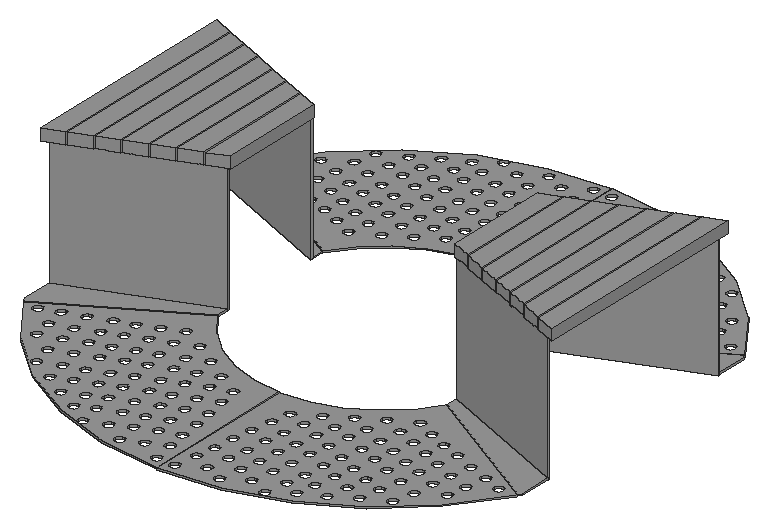
Revit family "Скамейка вокруг дерева «Эраунд 2» Арт 10536", category Антураж, Revit 2018
Family settings
  На основе рабочей плоскости = Нет
  Всегда вертикально = Да
  При загрузке вырезать с полостями = Нет
  Источник визуального образа = Геометрия семейства
  Общий = Нет
  Точка расчета площади = Нет
Parameters (values of type "Скамейка вокруг дерева «Эраунд 2»")
  Ширина = 1780 mm  # constant formula
  Цвет опоры = Сталь
  Цвет лавки = Дерево
  Описание = "Скамейка вокруг дерева «Эраунд 2»"  # constant formula
  Материал изделия = "Сталь, дерево"  # constant formula
  Изображение типоразмера = Скамейка вокруг дерева «Эраунд 2» Арт 10536.jpg
  Изготовитель = "ООО «Хоббика»"  # constant formula
  Длина = 1600 mm  # constant formula
  Группа модели = "Скамейки"  # constant formula
  Высота = 435 mm  # constant formula
  Артикул товара = "Арт. 10536"  # constant formula
  URL = "https://hobbyka.ru/product/skameyka_vokrug_dereva_eraund_2/"
Reference planes
  plane 1 "По центру (Вперед/Назад)": y = 0
  plane 2: z = 0
  plane 3 "По центру (Влево/Вправо)": x = 0
  plane 4: x = 1600
  plane 5: y = 1780
  plane 6: z = 435
Forms (mm)
  Extrusion 1, solid, material "Сталь" <- "Цвет опоры"
    sketch origin (0, 0, 0) x (1, 0, 0) y (0, 1, 0)
      loop
        line (29.557, 1336.556) -> (444.444, 1095.378)
        arc (444.444, 1095.378) -> (594.562, 1245.018) -> (799.253, 1300.052) r 411.353
        line (799.253, 1300.052) -> (799.253, 1780.101)
        arc (799.253, 1780.101) -> (355.218, 1661.038) -> (29.557, 1336.556) r 891.421
      loop
        arc (1570.299, 1336.497) -> (1245.03, 1660.77) -> (801.5, 1780.076) r 891.457
        line (801.5, 1780.076) -> (801.5, 1300.048)
        arc (801.5, 1300.048) -> (1005.67, 1244.75) -> (1155.379, 1095.316) r 411.414
        line (1155.379, 1095.316) -> (1570.299, 1336.497)
      loop
        circle (771.398, 1744.113) r 15
      loop
        circle (759.243, 1675.176) r 15
      loop
        circle (748.824, 1616.088) r 15
      loop
        circle (743.159, 1551.335) r 15
      loop
        circle (732.74, 1492.247) r 15
      loop
        circle (721.453, 1428.234) r 15
      loop
        circle (711.034, 1369.146) r 15
      loop
        circle (702.116, 1704.113) r 15
      loop
        circle (689.961, 1635.176) r 15
      loop
        circle (679.542, 1576.088) r 15
      loop
        circle (673.877, 1511.335) r 15
      loop
        circle (663.458, 1452.247) r 15
      loop
        circle (652.171, 1388.234) r 15
      loop
        circle (641.752, 1329.146) r 15
      loop
        circle (644.331, 1728.436) r 15
      loop
        circle (632.176, 1659.5) r 15
      loop
        circle (621.757, 1600.411) r 15
      loop
        circle (616.092, 1535.659) r 15
      loop
        circle (605.673, 1476.57) r 15
      loop
        circle (594.385, 1412.558) r 15
      loop
        circle (583.967, 1353.469) r 15
      loop
        circle (576.826, 1687.127) r 15
      loop
        circle (564.671, 1618.19) r 15
      loop
        circle (554.252, 1559.102) r 15
      loop
        circle (548.587, 1494.349) r 15
      loop
        circle (538.168, 1435.261) r 15
      loop
        circle (526.881, 1371.248) r 15
      loop
        circle (516.462, 1312.16) r 15
      loop
        circle (514.951, 1712.276) r 15
      loop
        circle (502.796, 1643.34) r 15
      loop
        circle (492.377, 1584.251) r 15
      loop
        circle (486.712, 1519.499) r 15
      loop
        circle (476.293, 1460.41) r 15
      loop
        circle (465.006, 1396.398) r 15
      loop
        circle (454.587, 1337.309) r 15
      loop
        circle (451.746, 1667.909) r 15
      loop
        circle (441.327, 1608.821) r 15
      loop
        circle (430.04, 1544.808) r 15
      loop
        circle (419.621, 1485.72) r 15
      loop
        circle (383.542, 1633.144) r 15
      loop
        circle (372.255, 1569.132) r 15
      loop
        circle (361.836, 1510.043) r 15
      loop
        circle (316.037, 1591.835) r 15
      loop
        circle (304.75, 1527.822) r 15
      loop
        circle (242.876, 1552.972) r 15
      loop
        circle (408.573, 1416.11) r 15
      loop
        circle (398.154, 1357.022) r 15
      loop
        circle (386.867, 1293.009) r 15
      loop
        circle (376.448, 1233.921) r 15
      loop
        circle (350.788, 1440.434) r 15
      loop
        circle (340.369, 1381.345) r 15
      loop
        circle (329.082, 1317.333) r 15
      loop
        circle (318.663, 1258.244) r 15
      loop
        circle (288.949, 1463.877) r 15
      loop
        circle (283.283, 1399.124) r 15
      loop
        circle (272.865, 1340.036) r 15
      loop
        circle (261.577, 1276.023) r 15
      loop
        circle (227.074, 1489.026) r 15
      loop
        circle (221.409, 1424.274) r 15
      loop
        circle (210.99, 1365.185) r 15
      loop
        circle (199.703, 1301.173) r 15
      loop
        circle (575.179, 1286.957) r 15
      loop
        circle (507.675, 1245.647) r 15
      loop
        circle (445.8, 1270.797) r 15
      loop
        circle (434.513, 1206.784) r 15
      loop
        circle (79.752, 1342.964) r 15
      loop
        circle (136.134, 1322.443) r 15
      loop
        circle (147.421, 1386.455) r 15
      loop
        circle (157.84, 1445.544) r 15
      loop
        circle (828.602, 1744.113) r 15
      loop
        circle (840.757, 1675.176) r 15
      loop
        circle (851.176, 1616.088) r 15
      loop
        circle (856.841, 1551.335) r 15
      loop
        circle (867.26, 1492.247) r 15
      loop
        circle (878.547, 1428.234) r 15
      loop
        circle (888.966, 1369.146) r 15
      loop
        circle (897.884, 1704.113) r 15
      loop
        circle (910.039, 1635.176) r 15
      loop
        circle (920.458, 1576.088) r 15
      loop
        circle (926.123, 1511.335) r 15
      loop
        circle (936.542, 1452.247) r 15
      loop
        circle (947.829, 1388.234) r 15
      loop
        circle (958.248, 1329.146) r 15
      loop
        circle (955.669, 1728.436) r 15
      loop
        circle (967.824, 1659.5) r 15
      loop
        circle (978.243, 1600.411) r 15
      loop
        circle (983.908, 1535.659) r 15
      loop
        circle (994.327, 1476.57) r 15
      loop
        circle (1005.615, 1412.558) r 15
      loop
        circle (1016.033, 1353.469) r 15
      loop
        circle (1023.174, 1687.127) r 15
      loop
        circle (1035.329, 1618.19) r 15
      loop
        circle (1045.748, 1559.102) r 15
      loop
        circle (1051.413, 1494.349) r 15
      loop
        circle (1061.832, 1435.261) r 15
      loop
        circle (1073.119, 1371.248) r 15
      loop
        circle (1083.538, 1312.16) r 15
      loop
        circle (1085.049, 1712.276) r 15
      loop
        circle (1097.204, 1643.34) r 15
      loop
        circle (1107.623, 1584.251) r 15
      loop
        circle (1113.288, 1519.499) r 15
      loop
        circle (1123.707, 1460.41) r 15
      loop
        circle (1134.994, 1396.398) r 15
      loop
        circle (1145.413, 1337.309) r 15
      loop
        circle (1148.254, 1667.909) r 15
      loop
        circle (1158.673, 1608.821) r 15
      loop
        circle (1169.96, 1544.808) r 15
      loop
        circle (1180.379, 1485.72) r 15
      loop
        circle (1216.458, 1633.144) r 15
      loop
        circle (1227.745, 1569.132) r 15
      loop
        circle (1238.164, 1510.043) r 15
      loop
        circle (1283.963, 1591.835) r 15
      loop
        circle (1295.25, 1527.822) r 15
      loop
        circle (1357.124, 1552.972) r 15
      loop
        circle (1191.427, 1416.11) r 15
      loop
        circle (1201.846, 1357.022) r 15
      loop
        circle (1213.133, 1293.009) r 15
      loop
        circle (1223.552, 1233.921) r 15
      loop
        circle (1249.212, 1440.434) r 15
      loop
        circle (1259.631, 1381.345) r 15
      loop
        circle (1270.918, 1317.333) r 15
      loop
        circle (1281.337, 1258.244) r 15
      loop
        circle (1311.051, 1463.877) r 15
      loop
        circle (1316.717, 1399.124) r 15
      loop
        circle (1327.135, 1340.036) r 15
      loop
        circle (1338.423, 1276.023) r 15
      loop
        circle (1372.926, 1489.026) r 15
      loop
        circle (1378.591, 1424.274) r 15
      loop
        circle (1389.01, 1365.185) r 15
      loop
        circle (1400.297, 1301.173) r 15
      loop
        circle (1024.821, 1286.957) r 15
      loop
        circle (1092.325, 1245.647) r 15
      loop
        circle (1154.2, 1270.797) r 15
      loop
        circle (1165.487, 1206.784) r 15
      loop
        circle (1520.248, 1342.964) r 15
      loop
        circle (1463.866, 1322.443) r 15
      loop
        circle (1452.579, 1386.455) r 15
      loop
        circle (1442.16, 1445.544) r 15
      loop
        circle (828.602, 35.887) r 15
      loop
        circle (840.757, 104.824) r 15
      loop
        circle (851.176, 163.912) r 15
      loop
        circle (856.841, 228.665) r 15
      loop
        circle (867.26, 287.753) r 15
      loop
        circle (878.547, 351.766) r 15
      loop
        circle (888.966, 410.854) r 15
      loop
        circle (897.884, 75.887) r 15
      loop
        circle (910.039, 144.824) r 15
      loop
        circle (920.458, 203.912) r 15
      loop
        circle (926.123, 268.665) r 15
      loop
        circle (936.542, 327.753) r 15
      loop
        circle (947.829, 391.766) r 15
      loop
        circle (958.248, 450.854) r 15
      loop
        circle (955.669, 51.564) r 15
      loop
        circle (967.824, 120.5) r 15
      loop
        circle (978.243, 179.589) r 15
      loop
        circle (983.908, 244.341) r 15
      loop
        circle (994.327, 303.43) r 15
      loop
        circle (1005.615, 367.442) r 15
      loop
        circle (1016.033, 426.531) r 15
      loop
        circle (1023.174, 92.873) r 15
      loop
        circle (1035.329, 161.81) r 15
      loop
        circle (1045.748, 220.898) r 15
      loop
        circle (1051.413, 285.651) r 15
      loop
        circle (1061.832, 344.739) r 15
      loop
        circle (1073.119, 408.752) r 15
      loop
        circle (1083.538, 467.84) r 15
      loop
        circle (1085.049, 67.724) r 15
      loop
        circle (1097.204, 136.66) r 15
      loop
        circle (1107.623, 195.749) r 15
      loop
        circle (1113.288, 260.501) r 15
      loop
        circle (1123.707, 319.59) r 15
      loop
        circle (1134.994, 383.602) r 15
      loop
        circle (1145.413, 442.691) r 15
      loop
        circle (1148.254, 112.091) r 15
      loop
        circle (1158.673, 171.179) r 15
      loop
        circle (1169.96, 235.192) r 15
      loop
        circle (1180.379, 294.28) r 15
      loop
        circle (1216.458, 146.856) r 15
      loop
        circle (1227.745, 210.868) r 15
      loop
        circle (1238.164, 269.957) r 15
      loop
        circle (1283.963, 188.165) r 15
      loop
        circle (1295.25, 252.178) r 15
      loop
        circle (1357.124, 227.028) r 15
      loop
        circle (1191.427, 363.89) r 15
      loop
        circle (1201.846, 422.978) r 15
      loop
        circle (1213.133, 486.991) r 15
      loop
        circle (1223.552, 546.079) r 15
      loop
        circle (1249.212, 339.566) r 15
      loop
        circle (1259.631, 398.655) r 15
      loop
        circle (1270.918, 462.667) r 15
      loop
        circle (1281.337, 521.756) r 15
      loop
        circle (1311.051, 316.123) r 15
      loop
        circle (1316.717, 380.876) r 15
      loop
        circle (1327.135, 439.964) r 15
      loop
        circle (1338.423, 503.977) r 15
      loop
        circle (1372.926, 290.974) r 15
      loop
        circle (1378.591, 355.726) r 15
      loop
        circle (1389.01, 414.815) r 15
      loop
        circle (1400.297, 478.827) r 15
      loop
        circle (1024.821, 493.043) r 15
      loop
        circle (1092.325, 534.353) r 15
      loop
        circle (1154.2, 509.203) r 15
      loop
        circle (1165.487, 573.216) r 15
      loop
        circle (1520.248, 437.036) r 15
      loop
        circle (1463.866, 457.557) r 15
      loop
        circle (1452.579, 393.545) r 15
      loop
        circle (1442.16, 334.456) r 15
      loop
        circle (771.398, 35.887) r 15
      loop
        circle (759.243, 104.824) r 15
      loop
        circle (748.824, 163.912) r 15
      loop
        circle (743.159, 228.665) r 15
      loop
        circle (732.74, 287.753) r 15
      loop
        circle (721.453, 351.766) r 15
      loop
        circle (711.034, 410.854) r 15
      loop
        circle (702.116, 75.887) r 15
      loop
        circle (689.961, 144.824) r 15
      loop
        circle (679.542, 203.912) r 15
      loop
        circle (673.877, 268.665) r 15
      loop
        circle (663.458, 327.753) r 15
      loop
        circle (652.171, 391.766) r 15
      loop
        circle (641.752, 450.854) r 15
      loop
        circle (644.331, 51.564) r 15
      loop
        circle (632.176, 120.5) r 15
      loop
        circle (621.757, 179.589) r 15
      loop
        circle (616.092, 244.341) r 15
      loop
        circle (605.673, 303.43) r 15
      loop
        circle (594.385, 367.442) r 15
      loop
        circle (583.967, 426.531) r 15
      loop
        circle (576.826, 92.873) r 15
      loop
        circle (564.671, 161.81) r 15
      loop
        circle (554.252, 220.898) r 15
      loop
        circle (548.587, 285.651) r 15
      loop
        circle (538.168, 344.739) r 15
      loop
        circle (526.881, 408.752) r 15
      loop
        circle (516.462, 467.84) r 15
      loop
        circle (514.951, 67.724) r 15
      loop
        circle (502.796, 136.66) r 15
      loop
        circle (492.377, 195.749) r 15
      loop
        circle (486.712, 260.501) r 15
      loop
        circle (476.293, 319.59) r 15
      loop
        circle (465.006, 383.602) r 15
      loop
        circle (454.587, 442.691) r 15
      loop
        circle (451.746, 112.091) r 15
      loop
        circle (441.327, 171.179) r 15
      loop
        circle (430.04, 235.192) r 15
      loop
        circle (419.621, 294.28) r 15
      loop
        circle (383.542, 146.856) r 15
      loop
        circle (372.255, 210.868) r 15
      loop
        circle (361.836, 269.957) r 15
      loop
        circle (316.037, 188.165) r 15
      loop
        circle (304.75, 252.178) r 15
      loop
        circle (242.876, 227.028) r 15
      loop
        circle (408.573, 363.89) r 15
      loop
        circle (398.154, 422.978) r 15
      loop
        circle (386.867, 486.991) r 15
      loop
        circle (376.448, 546.079) r 15
      loop
        circle (350.788, 339.566) r 15
      loop
        circle (340.369, 398.655) r 15
      loop
        circle (329.082, 462.667) r 15
      loop
        circle (318.663, 521.756) r 15
      loop
        circle (288.949, 316.123) r 15
      loop
        circle (283.283, 380.876) r 15
      loop
        circle (272.865, 439.964) r 15
      loop
        circle (261.577, 503.977) r 15
      loop
        circle (227.074, 290.974) r 15
      loop
        circle (221.409, 355.726) r 15
      loop
        circle (210.99, 414.815) r 15
      loop
        circle (199.703, 478.827) r 15
      loop
        circle (575.179, 493.043) r 15
      loop
        circle (507.675, 534.353) r 15
      loop
        circle (445.8, 509.203) r 15
      loop
        circle (434.513, 573.216) r 15
      loop
        circle (79.752, 437.036) r 15
      loop
        circle (136.134, 457.557) r 15
      loop
        circle (147.421, 393.545) r 15
      loop
        circle (157.84, 334.456) r 15
      loop
        arc (29.557, 443.444) -> (355.218, 118.962) -> (799.253, -0.101) r 891.421
        line (799.253, -0.101) -> (799.253, 479.948)
        arc (799.253, 479.948) -> (594.562, 534.982) -> (444.444, 684.622) r 411.353
        line (444.444, 684.622) -> (29.557, 443.444)
      loop
        line (1570.299, 443.503) -> (1155.379, 684.684)
        arc (1155.379, 684.684) -> (1005.67, 535.25) -> (801.5, 479.952) r 411.414
        line (801.5, 479.952) -> (801.5, -0.076)
        arc (801.5, -0.076) -> (1245.03, 119.23) -> (1570.299, 443.503) r 891.457
    from 0 to 5
  Extrusion 2, solid, material "Сталь" <- "Цвет опоры"
    sketch origin (0, 0, 0) x (1, 0, 0) y (0, 1, 0)
      loop
        arc (28.054, 1333.96) -> (24.848, 1328.352) -> (21.682, 1322.722) r 891.421
        line (21.682, 1322.722) -> (21.682, 1225.213) -> (442.936, 1055.015) -> (442.936, 1092.784) -> (28.054, 1333.96)
      loop
        line (442.936, 687.216) -> (442.936, 724.985) -> (21.682, 554.787) -> (21.682, 457.278)
        arc (21.682, 457.278) -> (24.848, 451.648) -> (28.054, 446.04) r 891.421
        line (28.054, 446.04) -> (442.936, 687.216)
      loop
        line (1571.946, 1333.96) -> (1157.064, 1092.784) -> (1157.064, 1055.015) -> (1578.318, 1225.213) -> (1578.318, 1322.722)
        arc (1578.318, 1322.722) -> (1575.152, 1328.352) -> (1571.946, 1333.96) r 891.421
      loop
        line (1157.064, 687.216) -> (1571.946, 446.04)
        arc (1571.946, 446.04) -> (1575.152, 451.648) -> (1578.318, 457.278) r 891.421
        line (1578.318, 457.278) -> (1578.318, 554.787) -> (1157.064, 724.985) -> (1157.064, 687.216)
    from 0 to 5
  Extrusion 3, solid, material "Сталь" <- "Цвет опоры"
    sketch origin (0, 0, 0) x (1, 0, 0) y (0, 1, 0)
      loop
        line (21.682, 1225.213) -> (19.809, 1220.577) -> (441.063, 1050.379) -> (442.936, 1055.015) -> (21.682, 1225.213)
      loop
        line (442.936, 724.985) -> (441.063, 729.621) -> (19.809, 559.423) -> (21.682, 554.787) -> (442.936, 724.985)
      loop
        line (1578.318, 554.787) -> (1580.191, 559.423) -> (1158.937, 729.621) -> (1157.064, 724.985) -> (1578.318, 554.787)
      loop
        line (1157.064, 1055.015) -> (1158.937, 1050.379) -> (1580.191, 1220.577) -> (1578.318, 1225.213) -> (1157.064, 1055.015)
    from 0 to 400
  Extrusion 4, solid, material "Сталь" <- "Цвет опоры"
    sketch origin (0, 0, 0) x (1, 0, 0) y (0, 1, 0)
      loop
        line (442.936, 1055.015) -> (21.682, 1225.213) -> (21.682, 554.787) -> (442.936, 724.985) -> (442.936, 1055.015)
      loop
        line (1157.064, 724.985) -> (1578.318, 554.787) -> (1578.318, 1225.213) -> (1157.064, 1055.015) -> (1157.064, 724.985)
    from 395 to 400
  Extrusion 5, solid, material "Дерево" <- "Цвет лавки"
    sketch origin (0, 0, 0) x (1, 0, 0) y (0, 1, 0)
      loop
        line (450, 1052.161) -> (390, 1076.403) -> (390, 703.597) -> (450, 727.839) -> (450, 1052.161)
      loop
        line (0, 546.027) -> (60, 570.268) -> (60, 1209.732) -> (0, 1233.973) -> (0, 546.027)
      loop
        line (65, 1207.711) -> (65, 572.289) -> (125, 596.53) -> (125, 1183.47) -> (65, 1207.711)
      loop
        line (130, 1181.45) -> (130, 598.55) -> (190, 622.792) -> (190, 1157.208) -> (130, 1181.45)
      loop
        line (195, 1155.188) -> (195, 624.812) -> (255, 649.054) -> (255, 1130.946) -> (195, 1155.188)
      loop
        line (260, 1128.926) -> (260, 651.074) -> (320, 675.315) -> (320, 1104.685) -> (260, 1128.926)
      loop
        line (325, 1102.665) -> (325, 677.335) -> (385, 701.577) -> (385, 1078.423) -> (325, 1102.665)
      loop
        line (1150, 1052.161) -> (1150, 727.839) -> (1210, 703.597) -> (1210, 1076.403) -> (1150, 1052.161)
      loop
        line (1600, 546.027) -> (1600, 1233.973) -> (1540, 1209.732) -> (1540, 570.268) -> (1600, 546.027)
      loop
        line (1535, 1207.711) -> (1475, 1183.47) -> (1475, 596.53) -> (1535, 572.289) -> (1535, 1207.711)
      loop
        line (1470, 1181.45) -> (1410, 1157.208) -> (1410, 622.792) -> (1470, 598.55) -> (1470, 1181.45)
      loop
        line (1405, 1155.188) -> (1345, 1130.946) -> (1345, 649.054) -> (1405, 624.812) -> (1405, 1155.188)
      loop
        line (1340, 1128.926) -> (1280, 1104.685) -> (1280, 675.315) -> (1340, 651.074) -> (1340, 1128.926)
      loop
        line (1275, 1102.665) -> (1215, 1078.423) -> (1215, 701.577) -> (1275, 677.335) -> (1275, 1102.665)
    from 400 to 435
Cuts and joins
  joined: Extrusion 2, Extrusion 3, Extrusion 4
Dimensions and locks
  "Длина": plane 3 "По центру (Влево/Вправо)" to plane 4
  "Ширина": plane 5 to plane 1 "По центру (Вперед/Назад)"
  "Высота": plane 6 to level
  aligned and locked: level to plane 2
Automatic sketch dimensions
  plane 3 "По центру (Влево/Вправо)" to Extrusion 1 sketch curve = 29.557 mm  (x2)
  Extrusion 1 sketch curve to Extrusion 1 sketch curve = 50.195 mm  (x2)
  Extrusion 1 sketch curve to Extrusion 1 sketch curve = 56.382 mm  (x4)
  Extrusion 1 sketch curve to Extrusion 1 sketch curve = 11.287 mm  (x22)
  Extrusion 1 sketch curve to Extrusion 1 sketch curve = 10.419 mm  (x92)
  Extrusion 1 sketch curve to Extrusion 1 sketch curve = 63.569 mm  (x4)
  Extrusion 1 sketch curve to Extrusion 1 sketch curve = 5.665 mm  (x12)
  Extrusion 1 sketch curve to Extrusion 1 sketch curve = 15.802 mm  (x8)
  Extrusion 1 sketch curve to Extrusion 1 sketch curve = 61.875 mm  (x16)
  Extrusion 1 sketch curve to Extrusion 1 sketch curve = 57.086 mm  (x24)
  Extrusion 1 sketch curve to Extrusion 1 sketch curve = 57.785 mm  (x32)
  Extrusion 1 sketch curve to Extrusion 1 sketch curve = 58.065 mm  (x2)
  Extrusion 1 sketch curve to Extrusion 1 sketch curve = 9.931 mm  (x2)
  Extrusion 1 sketch curve to Extrusion 1 sketch curve = 58.933 mm  (x4)
  Extrusion 1 sketch curve to Extrusion 1 sketch curve = 56.433 mm  (x8)
  Extrusion 1 sketch curve to Extrusion 1 sketch curve = 56.672 mm  (x4)
  Extrusion 1 sketch curve to Extrusion 1 sketch curve = 51.05 mm  (x8)
  Extrusion 1 sketch curve to Extrusion 1 sketch curve = 12.155 mm  (x8)
  Extrusion 1 sketch curve to Extrusion 1 sketch curve = 58.717 mm  (x2)
  Extrusion 1 sketch curve to Extrusion 1 sketch curve = 58.863 mm  (x12)
  plane 1 "По центру (Вперед/Назад)" to Extrusion 1 sketch curve = 0.101 mm
  Extrusion 1 sketch curve to Extrusion 1 sketch curve = 27.855 mm
  Extrusion 1 sketch curve to Extrusion 1 sketch curve = 88.22 mm
  Extrusion 1 sketch curve to Extrusion 1 sketch curve = 0.265 mm
  Extrusion 1 sketch curve to Extrusion 1 sketch curve = 0 mm
  Extrusion 1 sketch curve to Extrusion 1 sketch curve = 0.129 mm  (x2)
  Extrusion 1 sketch curve to Extrusion 1 sketch curve = 0.46 mm  (x2)
  Extrusion 1 sketch curve to Extrusion 1 sketch curve = 0.19 mm  (x2)
  plane 1 "По центру (Вперед/Назад)" to Extrusion 1 sketch curve = 0.076 mm
  Extrusion 1 sketch curve to Extrusion 1 sketch curve = 2.247 mm  (x2)
  plane 5 to Extrusion 1 sketch curve = 0.076 mm
  Extrusion 1 sketch curve to Extrusion 1 sketch curve = 27.102 mm  (x2)
  Extrusion 1 sketch curve to Extrusion 1 sketch curve = 57.127 mm  (x2)
  Extrusion 1 sketch curve to Extrusion 1 sketch curve = 55.349 mm  (x2)
  Extrusion 1 sketch curve to Extrusion 1 sketch curve = 8.787 mm  (x4)
  Extrusion 1 sketch curve to Extrusion 1 sketch curve = 63.054 mm  (x2)
  Extrusion 1 sketch curve to Extrusion 1 sketch curve = 56.217 mm  (x2)
  Extrusion 1 sketch curve to plane 4 = 29.701 mm  (x2)
  Extrusion 1 sketch curve to plane 1 "По центру (Вперед/Назад)" = 35.887 mm  (x2)
  Extrusion 1 sketch curve to plane 1 "По центру (Вперед/Назад)" = 51.564 mm  (x2)
  Extrusion 1 sketch curve to plane 1 "По центру (Вперед/Назад)" = 67.724 mm  (x2)
  Extrusion 1 sketch curve to Extrusion 1 sketch curve = 24.323 mm  (x28)
  Extrusion 1 sketch curve to Extrusion 1 sketch curve = 25.15 mm  (x12)
  Extrusion 1 sketch curve to Extrusion 1 sketch curve = 28.937 mm  (x4)
  Extrusion 1 sketch curve to Extrusion 1 sketch curve = 44.367 mm  (x2)
  Extrusion 1 sketch curve to Extrusion 1 sketch curve = 27.627 mm  (x4)
  Extrusion 1 sketch curve to Extrusion 1 sketch curve = 24.569 mm  (x8)
  Extrusion 1 sketch curve to Extrusion 1 sketch curve = 34.765 mm  (x2)
  Extrusion 1 sketch curve to Extrusion 1 sketch curve = 59.088 mm  (x72)
  Extrusion 1 sketch curve to Extrusion 1 sketch curve = 17.779 mm  (x24)
  Extrusion 1 sketch curve to Extrusion 1 sketch curve = 41.309 mm  (x4)
  Extrusion 1 sketch curve to Extrusion 1 sketch curve = 22.703 mm  (x12)
  Extrusion 1 sketch curve to Extrusion 1 sketch curve = 38.863 mm  (x4)
  Extrusion 1 sketch curve to Extrusion 1 sketch curve = 64.753 mm  (x22)
  Extrusion 1 sketch curve to Extrusion 1 sketch curve = 64.013 mm  (x18)
  Extrusion 1 sketch curve to Extrusion 1 sketch curve = 25.31 mm  (x4)
  Extrusion 1 sketch curve to Extrusion 1 sketch curve = 63.945 mm  (x6)
  Extrusion 1 sketch curve to Extrusion 1 sketch curve = 43.483 mm  (x2)
  Extrusion 1 sketch curve to Extrusion 1 sketch curve = 23.443 mm  (x2)
  Extrusion 1 sketch curve to Extrusion 1 sketch curve = 24.013 mm  (x4)
  Extrusion 1 sketch curve to Extrusion 1 sketch curve = 19.713 mm  (x8)
  Extrusion 1 sketch curve to Extrusion 1 sketch curve = 43.491 mm  (x2)
  Extrusion 1 sketch curve to Extrusion 1 sketch curve = 6.408 mm  (x2)
  Extrusion 1 sketch curve to Extrusion 1 sketch curve = 6.468 mm  (x2)
  Extrusion 1 sketch curve to Extrusion 1 sketch curve = 20.521 mm  (x2)
  Extrusion 1 sketch curve to Extrusion 1 sketch curve = 69.094 mm
  Extrusion 1 sketch curve to Extrusion 1 sketch curve = 0.004 mm
  Extrusion 1 sketch curve to Extrusion 1 sketch curve = 25.203 mm  (x4)
  Extrusion 1 sketch curve to Extrusion 1 sketch curve = 22.213 mm  (x2)
  Extrusion 1 sketch curve to Extrusion 1 sketch curve = 27.137 mm  (x4)
  Extrusion 1 sketch curve to Extrusion 1 sketch curve = 111.406 mm  (x2)
  Extrusion 1 sketch curve to Extrusion 1 sketch curve = 111.468 mm  (x2)
  Extrusion 1 sketch curve to Extrusion 1 sketch curve = 2.679 mm
  Extrusion 1 sketch curve to Extrusion 1 sketch curve = 0.017 mm
  Extrusion 1 sketch curve to Extrusion 1 sketch curve = 0.042 mm
  Extrusion 1 sketch curve to Extrusion 1 sketch curve = 0.019 mm
  Extrusion 1 sketch curve to Extrusion 1 sketch curve = 203.997 mm
  Extrusion 1 sketch curve to Extrusion 1 sketch curve = 203.999 mm
  Extrusion 1 sketch curve to Extrusion 1 sketch curve = 21.27 mm  (x2)
  Extrusion 1 sketch curve to Extrusion 1 sketch curve = 42.189 mm  (x2)
  Extrusion 1 sketch curve to Extrusion 1 sketch curve = 14.113 mm
  Extrusion 1 sketch curve to Extrusion 1 sketch curve = 40 mm  (x2)
  Extrusion 1 sketch curve to plane 5 = 51.564 mm  (x2)
  Extrusion 1 sketch curve to plane 5 = 35.887 mm  (x2)
  plane 3 "По центру (Влево/Вправо)" to Extrusion 2 sketch curve = 21.682 mm  (x2)
  Extrusion 2 sketch curve to Extrusion 2 sketch curve = 6.372 mm  (x2)
  Extrusion 2 sketch curve to Extrusion 2 sketch curve = 421.254 mm
  Extrusion 2 sketch curve to Extrusion 2 sketch curve = 0 mm  (x4)
  Extrusion 2 sketch curve to Extrusion 2 sketch curve = 356.767 mm  (x2)
  Extrusion 2 sketch curve to Extrusion 2 sketch curve = 0.592 mm  (x2)
  Extrusion 2 sketch curve to plane 4 = 28.054 mm  (x2)
  Extrusion 2 sketch curve to plane 4 = 21.682 mm  (x2)
  Extrusion 2 sketch curve to plane 1 "По центру (Вперед/Назад)" = 446.04 mm  (x2)
  Extrusion 2 sketch curve to Extrusion 2 sketch curve = 11.238 mm  (x2)
  Extrusion 2 sketch curve to Extrusion 2 sketch curve = 97.509 mm  (x4)
  Extrusion 2 sketch curve to Extrusion 2 sketch curve = 204.104 mm  (x2)
  Extrusion 2 sketch curve to Extrusion 2 sketch curve = 37.769 mm  (x4)
  Extrusion 2 sketch curve to Extrusion 2 sketch curve = 2.638 mm
  Extrusion 2 sketch curve to Extrusion 2 sketch curve = 330.03 mm  (x2)
  Extrusion 2 sketch curve to Extrusion 2 sketch curve = 132.428 mm  (x2)
  plane 3 "По центру (Влево/Вправо)" to Extrusion 3 sketch curve = 19.809 mm  (x2)
  Extrusion 3 sketch curve to Extrusion 3 sketch curve = 1.873 mm  (x4)
  plane 3 "По центру (Влево/Вправо)" to Extrusion 3 sketch curve = 441.063 mm
  Extrusion 3 sketch curve to Extrusion 3 sketch curve = 0 mm  (x3)
  Extrusion 3 sketch curve to plane 4 = 442.936 mm
  Extrusion 3 sketch curve to plane 4 = 21.682 mm  (x2)
  Extrusion 3 sketch curve to plane 1 "По центру (Вперед/Назад)" = 554.787 mm
  Extrusion 3 sketch curve to Extrusion 3 sketch curve = 4.636 mm  (x4)
  Extrusion 3 sketch curve to Extrusion 3 sketch curve = 320.759 mm  (x2)
  plane 3 "По центру (Влево/Вправо)" to Extrusion 4 sketch curve = 442.936 mm
  Extrusion 4 sketch curve to plane 4 = 442.936 mm
  Extrusion 4 sketch curve to plane 4 = 21.682 mm
  Extrusion 4 sketch curve to plane 1 "По центру (Вперед/Назад)" = 554.787 mm
  Extrusion 4 sketch curve to Extrusion 4 sketch curve = 170.198 mm  (x4)
  Extrusion 4 sketch curve to Extrusion 4 sketch curve = 0 mm
  Extrusion 4 sketch curve to Extrusion 4 sketch curve = 330.03 mm  (x2)
  plane 3 "По центру (Влево/Вправо)" to Extrusion 4 sketch curve = 21.682 mm
  Extrusion 5 sketch curve to plane 3 "По центру (Влево/Вправо)" = 0 mm
  Extrusion 5 sketch curve to plane 4 = 0 mm
  plane 3 "По центру (Влево/Вправо)" to Extrusion 5 sketch curve = 60 mm
  Extrusion 5 sketch curve to Extrusion 5 sketch curve = 5 mm  (x12)
  Extrusion 5 sketch curve to Extrusion 5 sketch curve = 60 mm  (x12)
  Extrusion 5 sketch curve to plane 4 = 450 mm
  Extrusion 5 sketch curve to plane 1 "По центру (Вперед/Назад)" = 546.027 mm  (x2)
  Extrusion 5 sketch curve to Extrusion 5 sketch curve = 24.242 mm  (x28)
  Extrusion 5 sketch curve to Extrusion 5 sketch curve = 2.02 mm  (x24)
  Extrusion 5 sketch curve to Extrusion 5 sketch curve = 324.323 mm  (x2)
  radius of Extrusion 1 sketch curve = 15 mm  (x276)
